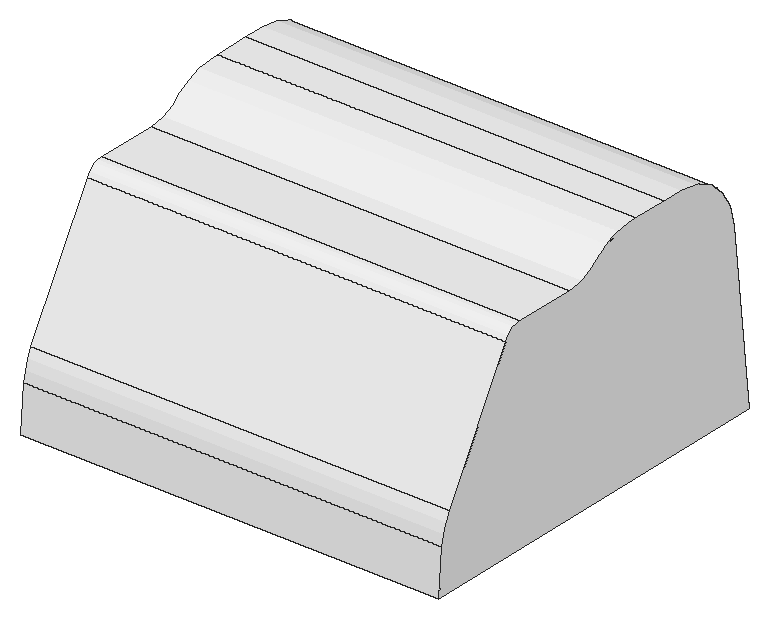
Revit family "Hand_Dryer-Automatic-American_Dryers-GX_Series", category Specialty Equipment, host Face, Revit 2015
Parameters (values of type "(By Type)")
  Youtube clip = ""
  With Recessed Mount = no
  Weight Net (Kg) = "0"
  Watts = 1500 W
  Voltage Range = "110 V to 120 V"
  Voltage = 120 V
  Void Offset = if(With Recessed Mount, 7", 1/8")  # 1/8"
  Uniformat II Description = ""
  Uniformat II Code = ""
  Uniclass 2015 Name = "Sanitary accessories"
  Uniclass 2015 Code = "Pr_40_20_76"
  Uniclass 2.0 Description = "Air Dryers"
  Uniclass 2.0 Code = "PR-02-03"
  Uniclass 1.4 Description = ""
  Uniclass 1.4 Code = ""
  URL = "http://www.americandryer.com"
  UNSPSC Code = ""
  Technical description = "https://www.americandryer.com/wp-content/uploads/2016/11/2016-GX-Spec-Sheet.pdf"
  Region South America = "None"
  Region Oceania = "None"
  Region North America = "US"
  Region Middle East = "None"
  Region Europe = "None"
  Region Asia = "None"
  Region Antarctica = "None"
  Region Africa = "None"
  Recessed Offset = if(With Recessed Mount, 1 5/8", 0")  # 0"
  QR code = "http://bimobject.com/world-dryer/product/hand-dryer-world-dryer-gx-series"
  Product url = "http://www.americandryer.com/hand-dryers/global-gx/"
  Product group = "GLOBAL® GX Series"
  Product family = "Hand and Hair Dryers"
  Product data url = "https://bimobject.com/world-dryer/product/hand-dryer-world-dryer-gx-series"
  Product certification = "https://www.americandryer.com/hand-dryers/global-gx/"
  Product SKU = "hand-dryer-world-dryer-gx-series"
  Product Page URL = "http://americandryer.com/global-gxseries-specifications/"
  Product Guid = "4f5d7490-97b4-44bc-9a54-904e123d1121"
  Product Documentation Link = "http://americandryer.com/wp-content/uploads/2011/08/Spec-Sheet-GX-20111.pdf"
  Power Factor = 1
  OmniClass Description = "Hand Dryers"
  OmniClass Code = "23-31 25 15"
  Number of Poles = 1
  Nominal width = 0"
  Nominal height = 0"
  NBS Reference Description = ""
  NBS Reference Code = ""
  Model = ""
  Material secondary = ""
  Material main = "Steel"
  Masterformat 2014 Description = ""
  Masterformat 2014 Code = ""
  Manufacturer name = "World Dryer"
  Manufacturer country = "United States"
  Manufacturer Phone = "800.485.7003"
  Manufacturer Fax = "734.421.5580"
  Manufacturer Email = "Sales@americandryer.com"
  Manufacturer Address = "33067 Industrial Road, Livonia, MI 48150"
  Manufacturer = "American Dryer"  # constant formula
  Installation instructions = "https://www.americandryer.com/wp-content/uploads/2016/12/GX-Manual.pdf"
  IFC Classification = ""
  Edition number = 1
  EAN code = ""
  Design country = "United States"
  Description = "Extreme Air®, high speed hand dryer series."  # constant formula
  Default Elevation = 0"
  Date of publishing = ""
  Case Material = Plastic-American Dryer-Flame Retardant White ABS
  COBIe Type Category = ""
  Brand url = "http://worlddryer.com/"
  BIMobject main category code = "sanitary"
  BIMobject main category = "Sanitary"
  BIMobject category code = "sanitary-hand-and-hair-dryers"
  BIMobject category = "Dryers (Hand & Hair)"
  Amperage = 12 A
Reference planes (in)
  plane 1 "Center (Front/Back)": y = -53.4375
  plane 2 "Wall Face": z = 0
  plane 3 "Center (Left/Right)": x = 0
  plane 4 "Left": x = -6.375
  plane 5 "Right": x = 6.375
  plane 6 "Top": y = -42.82031
  plane 7 "Bottom": y = -54.69531
  plane 8 "Box Top": y = -43.82031
  plane 9 "Box bottom": y = -53.69531
  plane 10: x = -6.09375
  plane 11: x = 6.09375
  plane 12 "Back": z = 0
  plane 13: z = 0.125
  plane 14 "Hand Dryer Back": z = 0.125
  plane 15: y = -53.4375
Forms (in)
  Extrusion 1, solid, material "Metal-American Dryer-Steel With White Enamel Finish", visible <- "With Recessed Mount"
    sketch origin (0, 0, 0) x (1, 0, 0) y (0, 1, 0)
      loop
        line (-6.375, -42.82031) -> (-6.375, -54.69531) -> (6.375, -54.69531) -> (6.375, -42.82031) -> (-6.375, -42.82031)
    from 0 to 0.15625
  Extrusion 2, void
    sketch origin (0, 0, 0) x (1, 0, 0) y (0, 1, 0)
      loop
        line (-6.09375, -43.82031) -> (-6.09375, -53.69531) -> (6.09375, -53.69531) -> (6.09375, -43.82031) -> (-6.09375, -43.82031)
    from 0.125 to 0
Lines and regions (in)
  Masking region 1, visible <- "With Recessed Mount"
    outline origin (0, -53.4375, 0) x (1, 0, 0) y (0, 0, 1)
      loop
        line (-6.09375, -0.27967) -> (6.09375, -0.27967) -> (6.09375, 0) -> (6.375, 0) -> (6.375, 0.15625) -> (-6.375, 0.15625) -> (-6.375, 0) -> (-6.09375, 0) -> (-6.09375, -0.27967)
  Masking region 2, visible <- "With Recessed Mount"
    outline origin (0, 0, 0.125) x (0, 1, 0) y (-1, 0, 0)
      loop
        line (-42.82031, 6.375) -> (-54.69531, 6.375) -> (-54.69531, -6.375) -> (-42.82031, -6.375) -> (-42.82031, 6.375)
      loop
        line (-44.0625, 5.0625) -> (-53.4375, 5.0625) -> (-53.4375, -5.0625) -> (-44.0625, -5.0625) -> (-44.0625, 5.0625)
Dimensions and locks (in)
  locked: plane 4 "Left" to plane 5 "Right" at 12.75
  locked: plane 10 to plane 11 at 12.1875
  locked: plane 6 "Top" to plane 7 "Bottom" at 11.875
  locked: plane 13 to plane 2 "Wall Face" at 0.125
  "Void Offset": plane 13 to plane 12 "Back"
  "Recessed Offset": plane 13 to plane 14 "Hand Dryer Back"
  plane 14 "Hand Dryer Back" to host face = 1/8"
  locked: plane 8 "Box Top" to plane 9 "Box bottom" at 9.875
  equal spacing: plane 4 "Left", plane 3 "Center (Left/Right)", plane 5 "Right"
  locked: nested 1 to connector elem at 8.4375
  locked: plane 15 to connector elem at 1.875
  equal spacing: plane 10, plane 3 "Center (Left/Right)", plane 11
  locked: plane 9 "Box bottom" to plane 15 at 0.25781
  locked: plane 7 "Bottom" to plane 15 at 1.25781
  "Default Elevation": plane 1 "Center (Front/Back)" to plane 15
  aligned and locked: plane 2 "Wall Face" to host face
  aligned and locked: level to host face
  aligned and locked: Extrusion 1 sketch curve to plane 6 "Top"
  aligned and locked: plane 4 "Left" to Extrusion 1 sketch curve
  aligned and locked: Extrusion 1 sketch curve to plane 7 "Bottom"
  aligned and locked: plane 5 "Right" to Extrusion 1 sketch curve
  aligned and locked: plane 12 "Back" to Extrusion 2
  aligned and locked: plane 13 to Extrusion 2
  aligned and locked: plane 14 "Hand Dryer Back" to nested 1
  aligned: plane 1 "Center (Front/Back)" to nested 1
  aligned and locked: Masking region 2 sketch curve to Extrusion 1  (x4)
  aligned and locked: Masking region 2 sketch curve to nested 1  (x4)
  aligned and locked: plane 15 to nested 1
Automatic sketch dimensions
  host sketch curve to host sketch curve = 26.50363"
  host sketch curve to host sketch curve = 30.20947"
  Extrusion 2 sketch curve to plane 9 "Box bottom" = 0"
  Extrusion 2 sketch curve to plane 10 = 0"
  Extrusion 2 sketch curve to plane 11 = 0"
  Extrusion 2 sketch curve to plane 8 "Box Top" = 0"
  Masking region 1 sketch curve to plane 4 "Left" = 0"
  Masking region 1 sketch curve to plane 10 = 0"
  plane 5 "Right" to Masking region 1 sketch curve = 0"
  Masking region 1 sketch curve to plane 14 "Hand Dryer Back" = 0.40467"
  plane 13 to Masking region 1 sketch curve = 1/32"
  Masking region 1 sketch curve to level = 0"  (x2)
  plane 11 to Masking region 1 sketch curve = 0"
Nested families (in)
  nested 1: "Dryer_GX" at (0, -53.4375, 0.125) x (1, 0, 0) z (0, 1, 0), type "By Type"
Connectors (in)
  electrical at (3.375, -51.5625, 0.125), driven by "Voltage", driven by "Watts", driven by "Number of Poles", driven by "Power Factor"
    settings: index 1, voltage 120 V, apparent load 0 VA, apparent load phase1 1500 VA, apparent load phase2 0 VA, apparent load phase3 0 VA, power factor 1, load classification "Other", number of poles 1, system type 31, power factor state 1, is connector primary yes, connector utility no, sub classification motor no, connector description "Power Supply (50-60Hz)"
Definition of nested family "Dryer_GX"
  Parameters
    Default Elevation = 48"
    Case Material = none
    Assembly Code = ""
  Reference planes (in)
    plane 1 "Center (Front/Back)": y = 0
    plane 2 "Bottom": z = 0
    plane 3 "Center (Left/Right)": x = 0
    plane 4: z = 9.375
    plane 5: x = 5.0625
    plane 6: x = -5.0625
    plane 7 "Front": y = -5.625
    plane 8 "Center": z = 4.53125
  Forms (in)
    Extrusion 1, solid, material <- "Case Material"
      sketch origin (0, 0, 0) x (0, 1, 0) y (0, 0, 1)
        loop
          line (0, 9.375) -> (-4.16184, 8.94992)
          spline (-4.16184, 8.94992) -> (-4.41697, 8.89103) -> (-4.64788, 8.81086) -> (-4.85457, 8.70941) -> (-5.03705, 8.58668) -> (-5.1953, 8.44267) -> (-5.32934, 8.27738) -> (-5.43916, 8.09081) -> (-5.52477, 7.88296) -> (-5.58615, 7.65384) -> (-5.62332, 7.40343) -> (-5.63627, 7.13175) -> (-5.625, 6.83878)
          line (-5.625, 6.83878) -> (-5.625, 5.9724)
          spline (-5.625, 5.9724) -> (-5.61146, 5.68146) -> (-5.57401, 5.44262) -> (-5.51744, 5.24702) -> (-5.44653, 5.08583) -> (-5.36606, 4.95019) -> (-5.28081, 4.83127) -> (-5.19556, 4.7202) -> (-5.1151, 4.60816) -> (-5.04419, 4.48628) -> (-4.98762, 4.34574) -> (-4.95017, 4.17767) -> (-4.93663, 3.97323)
          line (-4.93663, 3.97323) -> (-4.93663, 2.46118)
          arc (-4.93663, 2.46118) -> (-4.86964, 2.21118) -> (-4.68663, 2.02817) r 0.5
          line (-4.68663, 2.02817) -> (-1.74784, 0.33146)
          arc (-1.74784, 0.33146) -> (-1.42324, 0.18693) -> (-1.07568, 0.11306) r 1.69965
          line (-1.07568, 0.11306) -> (0, 0) -> (0, 9.375)
      from -5.0625 to 5.0625
  Lines and regions (in)
    Masking region 1
      outline origin (0, -5.625, 0) x (0, 0, 1) y (-1, 0, 0)
        loop
          line (9.375, 5.0625) -> (0, 5.0625) -> (0, -5.0625) -> (9.375, -5.0625) -> (9.375, 5.0625)
    Masking region 2
      outline origin (0, 0, 0) x (1, 0, 0) y (0, 1, 0)
        loop
          line (-5.0625, 0) -> (-4.88292, -5.14245)
          arc (-4.88292, -5.14245) -> (-4.73056, -5.48467) -> (-4.38323, -5.625) r 0.5
          line (-4.38323, -5.625) -> (4.38323, -5.625)
          arc (4.38323, -5.625) -> (4.73056, -5.48467) -> (4.88292, -5.14245) r 0.5
          line (4.88292, -5.14245) -> (5.0625, 0) -> (-5.0625, 0)
    model lines, detail levels medium+fine
      curve 1: spline (-2.3125, -4.93663, 2.99974) -> (-2.28694, -4.93663, 3.08849) -> (-2.21202, -4.93663, 3.1712) -> (-2.09283, -4.93663, 3.24222) -> (-1.9375, -4.93663, 3.29671) -> (-1.75661, -4.93663, 3.33097) -> (-1.5625, -4.93663, 3.34266) -> (-1.36839, -4.93663, 3.33097) -> (-1.1875, -4.93663, 3.29671) -> (-1.03217, -4.93663, 3.24222) -> (-0.91298, -4.93663, 3.1712) -> (-0.83806, -4.93663, 3.08849) -> (-0.8125, -4.93663, 2.99974) -> (-0.83806, -4.93663, 2.91099) -> (-0.91298, -4.93663, 2.82828) -> (-1.03217, -4.93663, 2.75726) -> (-1.1875, -4.93663, 2.70277) -> (-1.36839, -4.93663, 2.66851) -> (-1.5625, -4.93663, 2.65682) -> (-1.75661, -4.93663, 2.66851) -> (-1.9375, -4.93663, 2.70277) -> (-2.09283, -4.93663, 2.75726) -> (-2.21202, -4.93663, 2.82828) -> (-2.28694, -4.93663, 2.91099) -> (-2.3125, -4.93663, 2.99974)
      curve 4: circle (5.0625, -0.58691, 4.53125) r 0.15766 normal (1, 0, 0)
      curve 6: circle (-5.0625, -0.58691, 4.53125) r 0.15766 normal (1, 0, 0)
    symbolic lines, detail levels medium+fine
      curve 2: spline (-2.3125, -5.625, 2.99974) -> (-2.28694, -5.625, 3.08849) -> (-2.21202, -5.625, 3.1712) -> (-2.09283, -5.625, 3.24222) -> (-1.9375, -5.625, 3.29671) -> (-1.75661, -5.625, 3.33097) -> (-1.5625, -5.625, 3.34266) -> (-1.36839, -5.625, 3.33097) -> (-1.1875, -5.625, 3.29671) -> (-1.03217, -5.625, 3.24222) -> (-0.91298, -5.625, 3.1712) -> (-0.83806, -5.625, 3.08849) -> (-0.8125, -5.625, 2.99974) -> (-0.83806, -5.625, 2.91099) -> (-0.91298, -5.625, 2.82828) -> (-1.03217, -5.625, 2.75726) -> (-1.1875, -5.625, 2.70277) -> (-1.36839, -5.625, 2.66851) -> (-1.5625, -5.625, 2.65682) -> (-1.75661, -5.625, 2.66851) -> (-1.9375, -5.625, 2.70277) -> (-2.09283, -5.625, 2.75726) -> (-2.21202, -5.625, 2.82828) -> (-2.28694, -5.625, 2.91099) -> (-2.3125, -5.625, 2.99974)
      curve 8: circle (0, -0.58691, 4.53125) r 0.15766 normal (1, 0, 0)
    symbolic lines
      curve 3: line (-5.0625, -5.625, 2.05349) -> (5.0625, -5.625, 2.05349)
      curve 11: line (5.0625, -5.625, 6.83878) -> (-5.0625, -5.625, 6.83878)
    model lines, detail levels fine
      curve 5: circle (5.0625, -0.58691, 4.53125) r 0.10981 normal (1, 0, 0)
      curve 7: circle (-5.0625, -0.58691, 4.53125) r 0.10981 normal (1, 0, 0)
    symbolic lines, detail levels fine
      curve 9: circle (0, -0.58691, 4.53125) r 0.10981 normal (1, 0, 0)
      curve 10: line (0, 0, 9.375) -> (0, 0, 0)
  Dimensions and locks (in)
    equal spacing: plane 5, plane 3 "Center (Left/Right)", plane 6
    plane 5 to plane 6 = 10 1/8"
    locked: plane 4 to level at 9.375
    aligned and locked: level to plane 2 "Bottom"
    aligned and locked: Extrusion 1 to plane 6
    aligned and locked: plane 5 to Extrusion 1
    aligned and locked: Masking region 2 sketch curve to Extrusion 1
    aligned and locked: plane 4 to Masking region 1 sketch curve
  Automatic sketch dimensions
    curve 1 to Extrusion 1 = 0.53856"
    Extrusion 1 to curve 1 = 3 1/2"
    curve 1 to curve 1 = 3/4"
    Masking region 1 sketch curve to level = 0"
    Masking region 1 sketch curve to plane 5 = 0"
    Masking region 1 sketch curve to plane 6 = 0"
    curve 3 to plane 5 = 0"
    curve 3 to plane 6 = 0"
    plane 3 "Center (Left/Right)" to curve 2 = 1 9/16"
    curve 2 to curve 2 = 3/4"
    Extrusion 1 sketch curve to plane 7 "Front" = 0"
    Extrusion 1 sketch curve to plane 1 "Center (Front/Back)" = 0"
    Extrusion 1 sketch curve to level = 0"
    Extrusion 1 sketch curve to plane 4 = 0"
    plane 7 "Front" to Extrusion 1 sketch curve = 0.68837"
    Extrusion 1 sketch curve to Extrusion 1 sketch curve = 1/4"  (x2)
    Extrusion 1 sketch curve to plane 4 = 0.42508"
    plane 7 "Front" to Extrusion 1 sketch curve = 1.46316"
    level to Extrusion 1 sketch curve = 0.33146"
    plane 1 "Center (Front/Back)" to Extrusion 1 sketch curve = 1.74784"
    level to Extrusion 1 sketch curve = 0.11306"
    Extrusion 1 sketch curve to Extrusion 1 sketch curve = 0.67216"
    plane 8 "Center" to Extrusion 1 sketch curve = 0.55802"
    Extrusion 1 sketch curve to plane 8 "Center" = 1.44115"
    Extrusion 1 sketch curve to Extrusion 1 sketch curve = 0.86638"
    plane 1 "Center (Front/Back)" to Extrusion 1 sketch curve = 0.89802"
    Extrusion 1 sketch curve to Extrusion 1 sketch curve = 1.94506"
    curve 2 to plane 8 "Center" = 1.53151"
    Masking region 2 sketch curve to plane 6 = 0"
    Masking region 2 sketch curve to plane 7 "Front" = 0"
    Masking region 2 sketch curve to plane 5 = 0"
    plane 6 to Masking region 2 sketch curve = 0.17958"
    Masking region 2 sketch curve to Masking region 2 sketch curve = 0.4997"
    Masking region 2 sketch curve to plane 5 = 0.67927"
    Masking region 2 sketch curve to plane 5 = 0.17958"
    plane 7 "Front" to Masking region 2 sketch curve = 0.48255"  (x2)
    curve 10 to level = 0"
    curve 10 to plane 1 "Center (Front/Back)" = 0"
    curve 10 to plane 4 = 0"
    curve 4 to curve 5 = 0"  (x2)
    curve 5 to Extrusion 1 = 0.58691"
    curve 5 to Extrusion 1 = 4.2176"
    curve 3 to level = 2.05349"
    curve 11 to plane 6 = 0"
    curve 11 to plane 5 = 0"
    plane 8 "Center" to curve 11 = 2.30753"
    radius of curve 4 = 0.15766"
    radius of curve 5 = 0.10981"
